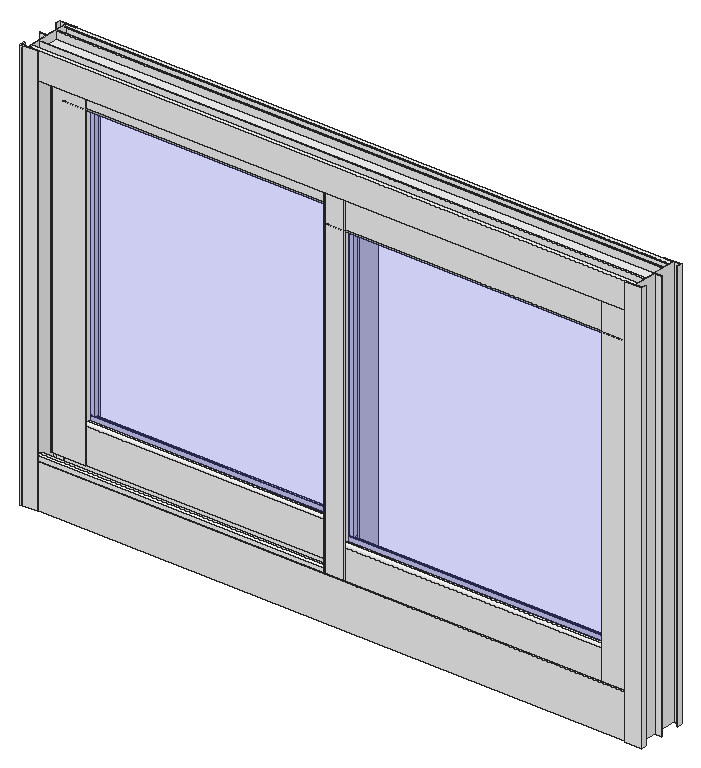
Revit family "Elite_OX_Custom", category Windows, host Wall, Revit 2014 (continued)
Definition of nested family "Elite_Sash_Outer"
  Definition of nested family "Elite_Lock_Stile"
    Automatic sketch dimensions
      Extrusion 1 sketch curve to Extrusion 1 sketch curve = 1.2 mm  (x6)
      Extrusion 1 sketch curve to plane 1 "Center (Front/Back)" = 1.2 mm  (x2)
      Extrusion 1 sketch curve to Extrusion 1 sketch curve = 5.2 mm  (x2)
      Extrusion 1 sketch curve to Extrusion 1 sketch curve = 3 mm
      Extrusion 1 sketch curve to Extrusion 1 sketch curve = 20 mm
      Extrusion 1 sketch curve to Extrusion 1 sketch curve = 7 mm  (x2)
      Extrusion 1 sketch curve to Extrusion 1 sketch curve = 4.5 mm  (x2)
      Extrusion 1 sketch curve to Extrusion 1 sketch curve = 0.8 mm  (x2)
  Definition of nested family "Elite_Interlocker"
    Parameters (values of type "Elite_Interlocker")
      Rail Cut Width = 13 mm  # constant formula
      Rail Cut Side Spacing = 5 mm  # constant formula
      Rail Cut Height = 26 mm  # constant formula
      Profile Material [instance] = none
      Length Interlocker [instance] = 250 mm
      Large Cut Height = 55 mm  # constant formula
    Reference planes
      plane 1 "Center (Front/Back)": y = 0
      plane 2: z = 0
      plane 3 "Center (Left/Right)": x = 0
    Forms (mm)
      Extrusion 1, solid, material <- "Profile Material"
        sketch origin (0, 0, 0) x (1, 0, 0) y (0, 1, 0)
          loop
            line (6.916, 36.467) -> (6.916, 6.667) -> (39.416, 6.667) -> (39.416, 9.551) -> (38.416, 9.551) -> (38.416, 8.167) -> (37.116, 8.167) -> (37.116, 9.551) -> (36.116, 9.551) -> (36.116, 8.167) -> (32.916, 8.167) -> (32.916, 15.167) -> (36.116, 15.167) -> (36.116, 13.78) -> (37.116, 13.78) -> (37.116, 15.167) -> (38.416, 15.167) -> (38.416, 13.78) -> (39.416, 13.78) -> (39.416, 25.167)
            arc (39.416, 25.167) -> (38.973, 25.663) -> (38.429, 25.28) r 0.5
            line (38.429, 25.28) -> (36.426, 16.667) -> (32.916, 16.667) -> (32.916, 36.467) -> (31.416, 36.467) -> (31.416, 35.667) -> (24.916, 35.667) -> (24.916, 29.667) -> (26.416, 29.667) -> (26.416, 34.167) -> (31.416, 34.167) -> (31.416, 22.667) -> (19.916, 22.667) -> (8.416, 22.667) -> (8.416, 34.167) -> (13.416, 34.167) -> (13.416, 29.667) -> (14.916, 29.667) -> (14.916, 35.667) -> (8.416, 35.667) -> (8.416, 36.467) -> (6.916, 36.467)
          loop
            line (8.416, 21.167) -> (8.416, 8.167) -> (31.416, 8.167) -> (31.416, 21.167) -> (19.916, 21.167) -> (8.416, 21.167)
        from 0 to 250 <- "Length Interlocker"
      Extrusion 2, void
        sketch origin (14.616, 35.667, 0) x (1, 0, 0) y (0, 0, 1)
          loop
            line (11.8, 250) -> (-1.2, 250) -> (-1.2, 224) -> (11.8, 224) -> (11.8, 250)
          loop
            line (-1.2, 0) -> (11.8, 0) -> (11.8, 26) -> (-1.2, 26) -> (-1.2, 0)
        from 0 to 250
      Extrusion 3, void
        sketch origin (31.316, 35.667, 0) x (1, 0, 0) y (0, 0, 1)
          loop
            line (0.1, 250) -> (-22.9, 250) -> (-22.9, 195) -> (0.1, 195) -> (0.1, 250)
          loop
            line (-22.9, 0) -> (0.1, 0) -> (0.1, 55) -> (-22.9, 55) -> (-22.9, 0)
        from 0 to 25
    Cuts and joins
      Extrusion 2, Extrusion 3 cuts Extrusion 1
    Dimensions and locks
      "Rail Cut Width": Extrusion 2 sketch curve to Extrusion 2 sketch curve  (x2)
      "Rail Cut Side Spacing": Extrusion 2 sketch curve to Extrusion 1  (x2)
      "Rail Cut Height": Extrusion 2 sketch curve to Extrusion 2 sketch curve  (x2)
      "Large Cut Height": Extrusion 3 sketch curve to Extrusion 3 sketch curve  (x2)
      aligned and locked: level to plane 2
      aligned and locked: Extrusion 1 to Extrusion 2 sketch curve  (x2)
      aligned and locked: Extrusion 3 sketch curve to cut or joined group of Extrusion 1, Extrusion 2, Extrusion 3  (x4)
      aligned and locked: cut or joined group of Extrusion 1, Extrusion 2, Extrusion 3 to Extrusion 3 sketch curve  (x2)
    Automatic sketch dimensions
      plane 3 "Center (Left/Right)" to Extrusion 1 sketch curve = 6.916 mm
      plane 3 "Center (Left/Right)" to Extrusion 1 sketch curve = 8.416 mm
      Extrusion 1 sketch curve to Extrusion 1 sketch curve = 1.5 mm  (x11)
      Extrusion 1 sketch curve to Extrusion 1 sketch curve = 0 mm  (x6)
      Extrusion 1 sketch curve to Extrusion 1 sketch curve = 5 mm  (x4)
      Extrusion 1 sketch curve to Extrusion 1 sketch curve = 3.2 mm  (x2)
      Extrusion 1 sketch curve to Extrusion 1 sketch curve = 0.31 mm
      Extrusion 1 sketch curve to Extrusion 1 sketch curve = 1 mm  (x4)
      Extrusion 1 sketch curve to Extrusion 1 sketch curve = 1.3 mm  (x2)
      Extrusion 1 sketch curve to Extrusion 1 sketch curve = 7.013 mm
      Extrusion 1 sketch curve to Extrusion 1 sketch curve = 0.487 mm
      Extrusion 1 sketch curve to plane 1 "Center (Front/Back)" = 6.667 mm
      Extrusion 1 sketch curve to Extrusion 1 sketch curve = 1.384 mm  (x2)
      Extrusion 1 sketch curve to Extrusion 1 sketch curve = 4.229 mm
      Extrusion 1 sketch curve to Extrusion 1 sketch curve = 1.387 mm  (x2)
      Extrusion 1 sketch curve to Extrusion 1 sketch curve = 13 mm
      Extrusion 1 sketch curve to Extrusion 1 sketch curve = 2.5 mm
      Extrusion 1 sketch curve to Extrusion 1 sketch curve = 7 mm  (x2)
      Extrusion 1 sketch curve to Extrusion 1 sketch curve = 4.5 mm  (x2)
      Extrusion 1 sketch curve to Extrusion 1 sketch curve = 0.8 mm  (x2)
  Definition of nested family "Elite_Sash_Top"
    Parameters (values of type "Elite_Sash_Top")
      Profile Material [instance] = none
      Length Sash Top [instance] = 250 mm
    Reference planes
      plane 1 "Center (Front/Back)": y = 0
      plane 2: z = 0
      plane 3 "Center (Left/Right)": x = 0
    Forms (mm)
      Extrusion 1, solid, material <- "Profile Material"
        sketch origin (0, -88.953, -123.01) x (0, 1, 0) y (0, 0, 1)
          loop
            line (92.953, 217.01) -> (95.303, 217.01) -> (95.303, 223.01) -> (93.853, 223.01) -> (93.853, 218.46) -> (92.953, 218.46)
            arc (92.953, 218.46) -> (91.15, 219.207) -> (90.403, 221.01) r 2.55
            line (90.403, 221.01) -> (90.403, 230.06) -> (110.203, 230.06) -> (110.203, 221.01)
            arc (110.203, 221.01) -> (109.456, 219.207) -> (107.653, 218.46) r 2.55
            line (107.653, 218.46) -> (106.753, 218.46) -> (106.753, 223.01) -> (105.303, 223.01) -> (105.303, 217.01) -> (107.653, 217.01)
            arc (107.653, 217.01) -> (110.482, 218.181) -> (111.653, 221.01) r 4
            line (111.653, 221.01) -> (111.653, 271.01) -> (107.403, 271.01) -> (107.403, 268.61) -> (108.603, 268.61) -> (108.603, 269.81) -> (110.203, 269.81) -> (110.203, 262.21) -> (108.603, 262.21) -> (108.603, 263.41) -> (107.403, 263.41) -> (107.403, 261.01) -> (110.203, 261.01) -> (110.203, 231.51) -> (90.403, 231.51) -> (90.403, 261.01) -> (93.203, 261.01) -> (93.203, 263.41) -> (92.003, 263.41) -> (92.003, 262.21) -> (90.403, 262.21) -> (90.403, 269.81) -> (92.003, 269.81) -> (92.003, 268.61) -> (93.203, 268.61) -> (93.203, 271.01) -> (88.953, 271.01) -> (88.953, 221.01)
            arc (88.953, 221.01) -> (90.125, 218.181) -> (92.953, 217.01) r 4
        from 0 to 250 <- "Length Sash Top"
    Dimensions and locks
      aligned and locked: level to plane 2
  Definition of nested family "Elite_Sash_Bottom"
    Parameters (values of type "Elite_Sash_Bottom")
      Profile Material [instance] = none
      Length Sash Bottom [instance] = 250 mm
    Reference planes
      plane 1 "Center (Front/Back)": y = 0
      plane 2: z = 0
      plane 3 "Center (Left/Right)": x = 0
    Forms (mm)
      Extrusion 1, solid, material <- "Profile Material"
        sketch origin (0, -88.953, -123.01) x (0, 1, 0) y (0, 0, 1)
          loop
            arc (92.953, 177.01) -> (90.125, 175.838) -> (88.953, 173.01) r 4
            line (88.953, 173.01) -> (88.953, 123.01) -> (93.203, 123.01) -> (93.203, 125.41) -> (92.003, 125.41) -> (92.003, 124.21) -> (90.403, 124.21) -> (90.403, 131.81) -> (92.003, 131.81) -> (92.003, 130.61) -> (93.203, 130.61) -> (93.203, 133.01) -> (90.403, 133.01) -> (90.403, 162.51) -> (110.203, 162.51) -> (110.203, 133.01) -> (107.403, 133.01) -> (107.403, 130.61) -> (108.603, 130.61) -> (108.603, 131.81) -> (110.203, 131.81) -> (110.203, 124.21) -> (108.603, 124.21) -> (108.603, 125.41) -> (107.403, 125.41) -> (107.403, 123.01) -> (111.653, 123.01) -> (111.653, 173.01)
            arc (111.653, 173.01) -> (110.482, 175.838) -> (107.653, 177.01) r 4
            line (107.653, 177.01) -> (105.303, 177.01) -> (105.303, 171.01) -> (106.753, 171.01) -> (106.753, 175.56) -> (107.653, 175.56)
            arc (107.653, 175.56) -> (109.456, 174.813) -> (110.203, 173.01) r 2.55
            line (110.203, 173.01) -> (110.203, 163.96) -> (90.403, 163.96) -> (90.403, 173.01)
            arc (90.403, 173.01) -> (91.15, 174.813) -> (92.953, 175.56) r 2.55
            line (92.953, 175.56) -> (93.853, 175.56) -> (93.853, 171.01) -> (95.303, 171.01) -> (95.303, 177.01) -> (92.953, 177.01)
        from 0 to 250 <- "Length Sash Bottom"
    Dimensions and locks
      aligned and locked: level to plane 2
  Definition of nested family "Elite_Heavy_Duty_Interlocker_Outside"
    Parameters (values of type "Elite_Heavy_Duty_Interlocker_Outside")
      Side Cut Width = 20 mm  # constant formula
      Side Cut Height Top = 26 mm  # constant formula
      Profile Material [instance] = none
      Length Heavy Duty Interlocker [instance] = 250 mm
      Large Cut Height = 55 mm  # constant formula
      Cut Width = 13 mm  # constant formula
      Cut Side Spacing = 5 mm  # constant formula
      Cut Height = 26 mm  # constant formula
    Reference planes
      plane 1 "Center (Front/Back)": y = 0
      plane 2: z = 0
      plane 3 "Center (Left/Right)": x = 0
    Forms (mm)
      Extrusion 1, solid, material <- "Profile Material"
        sketch origin (0, 0, 0) x (1, 0, 0) y (0, 1, 0)
          loop
            arc (4, 27.5) -> (2.232, 26.768) -> (1.5, 25) r 2.5
            line (1.5, 25) -> (1.5, 4)
            arc (1.5, 4) -> (2.232, 2.232) -> (4, 1.5) r 2.5
            line (4, 1.5) -> (20, 1.5) -> (20, 27.5) -> (4, 27.5)
          loop
            line (21.5, 14.5) -> (21.5, 1.5) -> (33, 1.5) -> (44.5, 1.5) -> (44.5, 14.5) -> (33, 14.5) -> (21.5, 14.5)
          loop
            line (46, 10) -> (46, 29.8) -> (44.5, 29.8) -> (44.5, 29) -> (38, 29) -> (38, 23) -> (39.5, 23) -> (39.5, 27.5) -> (44.5, 27.5) -> (44.5, 16) -> (33, 16) -> (21.5, 16) -> (21.5, 27.5) -> (26.5, 27.5) -> (26.5, 23) -> (28, 23) -> (28, 29) -> (21.5, 29) -> (21.5, 29.8) -> (20, 29.8) -> (20, 29) -> (4, 29)
            arc (4, 29) -> (1.172, 27.828) -> (0, 25) r 4
            line (0, 25) -> (0, 4)
            arc (0, 4) -> (1.172, 1.172) -> (4, 0) r 4
            line (4, 0) -> (52.5, 0) -> (52.5, 2.866) -> (51.5, 2.866) -> (51.5, 1.5) -> (50.2, 1.5) -> (50.2, 2.866) -> (49.2, 2.866) -> (49.2, 1.5) -> (46, 1.5) -> (46, 8.5) -> (49.2, 8.5) -> (49.2, 7.121) -> (50.2, 7.121) -> (50.2, 8.5) -> (51.5, 8.5) -> (51.5, 7.121) -> (52.5, 7.121) -> (52.5, 18.5)
            arc (52.5, 18.5) -> (52.057, 18.997) -> (51.513, 18.613) r 0.5
            line (51.513, 18.613) -> (49.51, 10) -> (46, 10)
        from 0 to 250 <- "Length Heavy Duty Interlocker"
      Extrusion 2, void
        sketch origin (44.4, 29, 0) x (1, 0, 0) y (0, 0, 1)
          loop
            line (-4.9, 250) -> (-17.9, 250) -> (-17.9, 224) -> (-4.9, 224) -> (-4.9, 250)
          loop
            line (-4.9, 0) -> (-4.9, 26) -> (-17.9, 26) -> (-17.9, 0) -> (-4.9, 0)
        from 0 to 250
      Extrusion 3, void
        sketch origin (44.4, 29, 0) x (1, 0, 0) y (0, 0, 1)
          loop
            line (0.1, 250) -> (-22.9, 250) -> (-22.9, 195) -> (0.1, 195) -> (0.1, 250)
          loop
            line (0.1, 0) -> (0.1, 55) -> (-22.9, 55) -> (-22.9, 0) -> (0.1, 0)
        from 0 to 25
      Extrusion 4, void
        sketch origin (19.7, 29, 0) x (1, 0, 0) y (0, 0, 1)
          loop
            line (0.3, 250) -> (-19.7, 250) -> (-19.7, 224) -> (0.3, 224) -> (0.3, 250)
        from 0 to 250
    Cuts and joins
      Extrusion 2, Extrusion 3, Extrusion 4 cuts Extrusion 1
    Dimensions and locks
      "Cut Width": Extrusion 2 sketch curve to Extrusion 2 sketch curve  (x2)
      "Cut Side Spacing": Extrusion 2 sketch curve to Extrusion 1  (x2)
      "Cut Height": Extrusion 2 sketch curve to Extrusion 2 sketch curve  (x2)
      "Large Cut Height": Extrusion 3 sketch curve to Extrusion 3 sketch curve  (x2)
      "Side Cut Width": Extrusion 4 sketch curve to Extrusion 4 sketch curve
      "Side Cut Height Top": Extrusion 4 sketch curve to Extrusion 4 sketch curve
      aligned and locked: level to plane 2
      aligned and locked: Extrusion 2 sketch curve to Extrusion 1
      aligned and locked: Extrusion 1 to Extrusion 2 sketch curve
      aligned and locked: cut or joined group of Extrusion 1, Extrusion 2, Extrusion 3, Extrusion 4 to Extrusion 3 sketch curve  (x2)
      aligned and locked: Extrusion 3 sketch curve to cut or joined group of Extrusion 1, Extrusion 2, Extrusion 3, Extrusion 4  (x4)
      aligned and locked: Extrusion 4 sketch curve to cut or joined group of Extrusion 1, Extrusion 2, Extrusion 3, Extrusion 4
      aligned and locked: cut or joined group of Extrusion 1, Extrusion 2, Extrusion 3, Extrusion 4 to Extrusion 4 sketch curve
    Automatic sketch dimensions
      Extrusion 1 sketch curve to Extrusion 1 sketch curve = 0 mm  (x11)
      Extrusion 1 sketch curve to plane 3 "Center (Left/Right)" = 0 mm
      plane 1 "Center (Front/Back)" to Extrusion 1 sketch curve = 0 mm
      plane 3 "Center (Left/Right)" to Extrusion 1 sketch curve = 1.5 mm
      Extrusion 1 sketch curve to Extrusion 1 sketch curve = 2.5 mm  (x3)
      Extrusion 1 sketch curve to Extrusion 1 sketch curve = 16 mm
      Extrusion 1 sketch curve to Extrusion 1 sketch curve = 1.5 mm  (x10)
      Extrusion 1 sketch curve to Extrusion 1 sketch curve = 5 mm  (x3)
      Extrusion 1 sketch curve to plane 1 "Center (Front/Back)" = 1.5 mm  (x3)
      Extrusion 1 sketch curve to Extrusion 1 sketch curve = 11.5 mm  (x2)
      Extrusion 1 sketch curve to Extrusion 1 sketch curve = 10 mm
      Extrusion 1 sketch curve to Extrusion 1 sketch curve = 3.2 mm  (x2)
      Extrusion 1 sketch curve to plane 1 "Center (Front/Back)" = 10 mm
      Extrusion 1 sketch curve to Extrusion 1 sketch curve = 0.31 mm
      Extrusion 1 sketch curve to Extrusion 1 sketch curve = 1 mm  (x4)
      Extrusion 1 sketch curve to Extrusion 1 sketch curve = 1.3 mm  (x2)
      Extrusion 1 sketch curve to Extrusion 1 sketch curve = 7.013 mm
      Extrusion 1 sketch curve to Extrusion 1 sketch curve = 0.487 mm
      Extrusion 1 sketch curve to Extrusion 1 sketch curve = 1.366 mm
      Extrusion 1 sketch curve to Extrusion 1 sketch curve = 2.879 mm
      Extrusion 1 sketch curve to Extrusion 1 sketch curve = 4.5 mm  (x3)
      Extrusion 1 sketch curve to Extrusion 1 sketch curve = 7 mm  (x2)
      Extrusion 1 sketch curve to Extrusion 1 sketch curve = 9 mm
      Extrusion 1 sketch curve to Extrusion 1 sketch curve = 0.8 mm  (x2)
